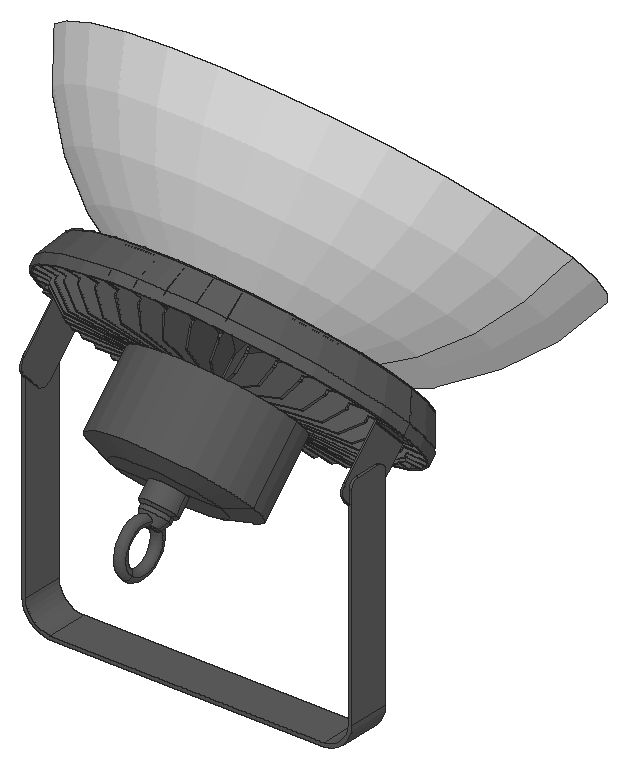
Revit family "0039366+0039354+0039356 Sylvania Lighting Fixture START HighBay IP65 DALI 19000lm 840 WB with BRACKET and ALU SHADE ALU COLOR FOR 13 19KLM", category Lighting Fixtures, host Face, Revit 2016
Family settings
  Host = Face
  Part Type = Normal
  Round Connector Dimension = Use Diameter
  OmniClass Number = 23.80.70.00
  OmniClass Title = Lighting
  Cut with Voids When Loaded = No
  Light Source = No
  Shared = No
  Room Calculation Point = No
Parameters (values of type "0039366+0039354+0039356  START HighBay IP65 DALI 19000lm 840 WB with BRACKET and ALU SHADE ALU COLOR FOR 13/19KLM")
  Weight = "3.4 kg"
  Wattage Comments = ""
  WarrantyStartDate [instance] = "n/a"
  WarrantyGuarantorParts = "n/a"
  WarrantyDurationUnit = "n/a"
  WarrantyDurationParts = "n/a"
  WarrantyDescription = "n/a"
  Voltage = 0 V
  URL = "http://www.sylvania-lighting.com"
  TypeName = "START HighBay IP65 DALI 19000lm 840 WB with BRACKET and ALU SHADE ALU COLOR FOR 13/19KLM"
  TypeHead_FEILO = Start LED Highbay DALI Head : 0039366+0039354+0039356 START HighBay IP65 DALI 19000lm 840 WB with BRACKET and ALU SHADE ALU COLOR FOR 13/19KLM
  Type Image = <None>
  Type Comments = "n/a"
  TiltAngle_FEILO [instance] = 45.00°
  ThicknessBracketPlate_FEILO = 3 mm
  SizeBracketS_FEILO = no
  SizeBracketM_FEILO = yes
  SerialNumber [instance] = "n/a"
  RadiusBracketTop_FEILO = 7 mm
  RadiusBendOut_FEILO = if(SizeBracketS_FEILO, 18 mm, if(SizeBracketM_FEILO, 24 mm, 28 mm))  # 24 mm
  RadiusBendIn_FEILO = RadiusBendOut_FEILO - ThicknessBracketPlate_FEILO  # 21 mm
  Material_3_FEILO = none
  PowerFactor = 0.95
  PowerConsumption = "150 W"
  NominalLength = 296 mm
  NominalHeight = 172 mm
  NominalDepth = 296 mm
  Name = "START HighBay IP65 DALI 19000lm 840 WB with BRACKET and ALU SHADE ALU COLOR FOR 13/19KLM"
  ModelReference = Name  # "START HighBay IP65 DALI 19000lm 840 WB with BRACKET and ALU SHADE ALU COLOR FOR 13/19KLM"
  ModelNumber = "0039366+0039354+0039356"
  Model = Name  # "START HighBay IP65 DALI 19000lm 840 WB with BRACKET and ALU SHADE ALU COLOR FOR 13/19KLM"
  Material = "aluminium alloy housing, polycarbonate diffuser"
  ManufacturerName = "Feilo Sylvania"
  Manufacturer = "Feilo Sylvania"
  LuminousEfficacy = "130 lm/W"
  LuminaireType = ""
  LightOutputRatio = "n/a"
  LampsType = Lamp  # "LED"
  LampNominalLuminous = "19500 lm"
  LampMacAdamStep = "6"
  LampColourTemperature = "6500 K"
  LampColourRenderingIndex = "80"
  Lamp = "LED"
  Keynote = "16500"
  InstallationDate [instance] = "n/a"
  InputVoltage = "n/a"
  InputNominalFrequency = "50/60 Hz"
  IngressProtection = "IP65"
  ImpactProtectionIndex = "IK08"
  IfcExportType = "IfcLightFixtureType"
  IfcExportAs = "IfcLightFixtureType"
  ExpectedLife = 50000
  EndAngle_FEILO [instance] = TiltAngle_FEILO + 180.00°  # 225.00°
  ElectricShockClassification = "Class I"
  DurationUnit = "hours"
  DocumentationLiterature = "http://www.sylvania-lighting.com/product/en-int/products/0039366"
  DimmingControlOptions = "Dimmable"
  Material_2_FEILO = none
  Description = "START Highbay, includes 1 m cables, black aluminium housing, 19,500 Lm, 150 W, 130 Lm/W, 6500 K, drive current: 3300 mA, CRI 80, 90° beam angle, DALI dimmable, IP65, IK08, 50,000 hrs (L80/B50), (D x H) 296 x 172 mm."
  Default Elevation = 1219.2 mm
  CreatedOn = "5/15/2018"
  CreatedBy = "aron.fodor@sylvania-lighting.com"
  Cost = 0
  built-in parameter 1114216 [instance] = (empty or 0)
  ClassificationValue = "EF_70_80"
  ClassificationName = "Uniclass2015"
  Material_1_FEILO = Body-Sylvania-StartHighbay-Black
  BracketHeight_FEILO = if(SizeBracketS_FEILO, 199.5 mm, if(SizeBracketM_FEILO, 209.6 mm, 201.3 mm))  # 209.6 mm
  BracketDistanceInner_FEILO = if(SizeBracketS_FEILO, 249.4 mm, if(SizeBracketM_FEILO, 273.6 mm, 313.2 mm))  # 273.6 mm
  BarCode [instance] = "n/a"
  AssetType = "Fixed"
  AssetIdentifier [instance] = "n/a"
  Assembly Code = "D5020200"
  Apparent Load = 150 VA
  Material_4_FEILO = none
Reference planes
  plane 1 "Center (Front/Back)": y = 0
  plane 2: z = 0
  plane 3 "Center (Left/Right)": x = 0
  plane 4: x = -139.8
  plane 5: x = 139.8
  plane 6: z = 209.6
  plane 7: x = -136.8
  plane 8: z = 3
  plane 9: x = 136.8
  plane 10: y = 17.5
  plane 11: y = -17.5
  plane 12: y = -19.5
  plane 13: z = 211.6
  plane 14: y = 19.5
  plane 15: z = 200.6
Forms (mm)
  Extrusion 1, solid, material "Body-Sylvania-StartHighbay-Black" <- "Material_1_FEILO"
    sketch origin (0, 0, 0) x (1, 0, 0) y (0, 0, 1)
      loop
        line (-139.8, 209.6) -> (-139.8, 24)
        arc (-139.8, 24) -> (-132.771, 7.029) -> (-115.8, 0) r 24
        line (-115.8, 0) -> (115.8, 0)
        arc (115.8, 0) -> (132.771, 7.029) -> (139.8, 24) r 24
        line (139.8, 24) -> (139.8, 209.6) -> (136.8, 209.6) -> (136.8, 24)
        arc (136.8, 24) -> (130.649, 9.151) -> (115.8, 3) r 21
        line (115.8, 3) -> (-115.8, 3)
        arc (-115.8, 3) -> (-130.649, 9.151) -> (-136.8, 24) r 21
        line (-136.8, 24) -> (-136.8, 209.6) -> (-139.8, 209.6)
    from -17.5 to 17.5
  Extrusion 2, void
    sketch origin (0, 0, 0) x (0, 1, 0) y (0, 0, 1)
      loop
        arc (10.5, 209.6) -> (15.45, 207.55) -> (17.5, 202.6) r 7
        line (17.5, 202.6) -> (19.5, 202.6) -> (19.5, 211.6) -> (-19.5, 211.6) -> (-19.5, 202.6) -> (-17.5, 202.6)
        arc (-17.5, 202.6) -> (-15.45, 207.55) -> (-10.5, 209.6) r 7
        line (-10.5, 209.6) -> (10.5, 209.6)
    from -139.8 to 139.8
  Revolve 3, solid, not visible
    sketch origin (1223.4, -4572, 200.6) x (0, -1, 0) y (1, 0, 0)
      loop
        line (-4572, -1223.4) -> (-4591.5, -1223.4) -> (-4591.5, -1277.783) -> (-4572, -1277.783) -> (-4572, -1223.4)
      axis (-4572, -1223.4) -> (-4572, -1277.783)
    angle from 45 <- "TiltAngle_FEILO" to 225 <- "EndAngle_FEILO"
Cuts and joins
  Extrusion 2 cuts Extrusion 1
Dimensions and locks
  "BracketHeight_FEILO": plane 6 to plane 2
  equal spacing: plane 11, plane 1 "Center (Front/Back)", plane 10
  locked: plane 11 to plane 10 at 35
  equal spacing: plane 9, plane 3 "Center (Left/Right)", plane 7
  "BracketDistanceInner_FEILO": plane 9 to plane 7
  "ThicknessBracketPlate_FEILO": plane 7 to plane 4
  "ThicknessBracketPlate_FEILO": plane 8 to plane 2
  equal spacing: plane 5, plane 3 "Center (Left/Right)", plane 4
  equal spacing: plane 12, plane 1 "Center (Front/Back)", plane 14
  locked: plane 6 to plane 13 at 2
  locked: plane 12 to plane 11 at 2
  locked: plane 6 to plane 15 at 9
  "RadiusBendOut_FEILO": radius of Extrusion 1 sketch curve  (x2)
  "RadiusBendIn_FEILO": radius of Extrusion 1 sketch curve  (x2)
  "RadiusBracketTop_FEILO": radius of Extrusion 2 sketch curve  (x2)
  aligned and locked: plane 2 to host face
  aligned and locked: level to host face
  aligned and locked: Extrusion 1 sketch curve to plane 4
  aligned and locked: Extrusion 1 sketch curve to level
  aligned and locked: plane 6 to Extrusion 1 sketch curve
  aligned and locked: Extrusion 1 sketch curve to plane 6
  aligned and locked: Extrusion 1 sketch curve to plane 7
  aligned and locked: plane 9 to Extrusion 1 sketch curve
  aligned and locked: plane 8 to Extrusion 1 sketch curve
  aligned and locked: Extrusion 1 to plane 10
  aligned and locked: plane 11 to Extrusion 1
  aligned and locked: Extrusion 1 to Extrusion 2 sketch curve
  aligned and locked: plane 14 to Extrusion 2 sketch curve  (x2)
  aligned and locked: Extrusion 2 sketch curve to plane 12
  aligned and locked: plane 13 to Extrusion 2 sketch curve
  aligned and locked: plane 5 to Extrusion 2
  aligned and locked: Extrusion 2 to plane 4
  aligned and locked: Revolve 3 sketch curve to plane 1 "Center (Front/Back)"
  aligned and locked: Revolve 3 sketch curve to Revolve 3 sketch curve
  aligned and locked: plane 3 "Center (Left/Right)" to Revolve 3 sketch curve
  aligned and locked: Revolve 3 sketch curve to plane 14
  aligned and locked: nested 1 to plane 3 "Center (Left/Right)"
Automatic sketch dimensions
  host sketch curve to host sketch curve = 2438.4 mm  (x2)
  Revolve 3 sketch curve to Revolve 3 sketch curve = 54.383 mm
  Revolve 3 sketch curve to plane 4 = 1396.3 mm
  plane 5 to Revolve 3 sketch curve = 1396.3 mm
  Extrusion 1 sketch curve to Extrusion 1 sketch curve = 0 mm
  Extrusion 2 sketch curve to plane 11 = 0 mm
  Extrusion 2 sketch curve to plane 10 = 0 mm
Nested families
  nested 1: "Start LED Highbay DALI Head" at (0, 0, 200.6) x (-1, 0, 0) z (0, 0.7071, 0.7071), type <- "TypeHead_FEILO", type "0039366+0039354+0039356 START HighBay IP65 DALI 19000lm 840 WB with BRACKET and ALU SHADE ALU COLOR FOR 13/19KLM"
    with built-in parameter 1114216 (empty or 0)
Connectors
  electrical at (0, 0, 0), driven by "Apparent Load", driven by "PowerFactor", driven by "Voltage"
    settings: index 1, voltage 0 V, apparent load 150 VA, apparent load phase1 0 VA, apparent load phase2 0 VA, apparent load phase3 0 VA, power factor 0.95, load classification "Lighting", number of poles 1, system type 30, power factor state 1, is connector primary yes, connector utility no, sub classification motor no, connector description ""
Definition of nested family "Start LED Highbay DALI Head"
  Parameters (values of type "0039367+0039355+0039361 START HighBay IP65 DALI 26000lm 840 WB with BRACKET and PC LAMPSHADE TRANSPARENT FOR 26KLM")
    X_FEILO = if(SizeS_FEILO, 60.3 mm, if(SizeM_FEILO, 70.4 mm, 83.5 mm))  # 83.5 mm
    WidthStraight_FEILO = if(SizeS_FEILO, 3 mm, if(SizeM_FEILO, 4 mm, 4.7 mm))  # 4.7 mm
    WidthRingChamfer_FEILO = if(SizeS_FEILO, 10.3 mm, if(SizeM_FEILO, 11.2 mm, 12.9 mm))  # 12.9 mm
    WidthCurved_FEILO = if(SizeS_FEILO, 17.4 mm, if(SizeM_FEILO, 16.4 mm, 26.2 mm))  # 26.2 mm
    WidthCurvedRing_FEILO = if(SizeS_FEILO, 3 mm, if(SizeM_FEILO, 4 mm, 4.7 mm))  # 4.7 mm
    WidthBracket_FEILO = 40 mm
    Wattage Comments = ""
    Wattage = 190 W
    built-in parameter 1150110 = 1 (stored number, unit not read)
    URL = "http://www.sylvania-lighting.com"
    Type Image = (empty or 0)
    Type Comments = "n/a"
    built-in parameter 1114217 = 1 (stored number, unit not read)
    Tilt Angle = -90.00°
    ThicknessWall_FEILO = 1.5 mm
    ThicknessBracket_FEILO = 1.5 mm
    ThicknessBracketHalf_FEILO = ThicknessBracket_FEILO / 2  # 0.75 mm
    built-in parameter 1150109 = 1 (stored number, unit not read)
    built-in parameter 1150134 = 1
    built-in parameter 1150113 = 1 (stored number, unit not read)
    SizeS_FEILO = no
    SizeM_FEILO = no
    ShadeThickness_FEILO = 3 mm
    ShadeSizeSM_FEILO = or(SizeS_FEILO, SizeM_FEILO)  # no
    ShadeRadiusOut_FEILO = 205 mm
    ShadeRadiusIn_FEILO = if(ShadeSizeSM_FEILO, 95 mm, 121 mm)  # 121 mm
    ShadeRadiusBend_FEILO = if(ShadeSizeSM_FEILO, 210 mm, 210 mm)  # 210 mm
    ShadeOn_FEILO = yes
    ShadeHeight_FEILO = if(ShadeSizeSM_FEILO, 120 mm, 151 mm)  # 151 mm
    Rib4_FEILO = if(SizeS_FEILO, 18.1 mm, if(SizeM_FEILO, 13.6 mm, 14.6 mm))  # 14.6 mm
    Rib3_FEILO = if(SizeS_FEILO, 15.3 mm, if(SizeM_FEILO, 17.6 mm, 20.2 mm))  # 20.2 mm
    Rib2_FEILO = if(SizeS_FEILO, 3.6 mm, if(SizeM_FEILO, 3.9 mm, 4.5 mm))  # 4.5 mm
    Rib1_FEILO = if(SizeS_FEILO, 15.1 mm, if(SizeM_FEILO, 16.5 mm, 19 mm))  # 19 mm
    RadiusDiffuser_FEILO = if(SizeS_FEILO, 95.2 mm, if(SizeM_FEILO, 105.3 mm, 120 mm))  # 120 mm
    RadiusArrayPost_FEILO = DriverRadius_FEILO - 6 mm  # 70.4 mm
    RHRadius3_FEILO = if(SizeS_FEILO, 6.6 mm, if(SizeM_FEILO, 7.4 mm, 8.6 mm))  # 8.6 mm
    RHRadius2_FEILO = if(SizeS_FEILO, 11 mm, if(SizeM_FEILO, 12 mm, 14 mm))  # 14 mm
    RHRadius1_FEILO = if(SizeS_FEILO, 13.6 mm, if(SizeM_FEILO, 14.9 mm, 17.7 mm))  # 17.7 mm
    RHHeight4_FEILO = if(SizeS_FEILO, 7.3 mm, if(SizeM_FEILO, 8 mm, 9.2 mm))  # 9.2 mm
    RHHeight3_FEILO = if(SizeS_FEILO, 3.6 mm, if(SizeM_FEILO, 3.7 mm, 4.6 mm))  # 4.6 mm
    RHHeight2_FEILO = if(SizeS_FEILO, 2 mm, if(SizeM_FEILO, 2.2 mm, 2.6 mm))  # 2.6 mm
    RHHeight1_FEILO = if(SizeS_FEILO, 11.8 mm, if(SizeM_FEILO, 15.3 mm, 17.4 mm))  # 17.4 mm
    Photometric Web File = "0039367+0039361.ies"
    Material_5_FEILO = none
    Material_3_FEILO = none
    Model = "START HighBay IP65 DALI 26000lm 840 WB with BRACKET and PC LAMPSHADE TRANSPARENT FOR 26KLM"
    Manufacturer = "Feilo Sylvania"
    built-in parameter 1150105 = 33385.3 (stored number, unit not read)
    Lumens = 24700 lm
    built-in parameter 1150115 = 1 (stored number, unit not read)
    built-in parameter 1150137 = (empty or 0)
    built-in parameter 1150139 = (empty or 0)
    built-in parameter 1150112 = 1 (stored number, unit not read)
    built-in parameter 1150114 = 1 (stored number, unit not read)
    Lamp = "LED"
    Keynote = "16500"
    built-in parameter 1150132 = (empty or 0)
    built-in parameter 1150102 = (empty or 0)
    built-in parameter 1150107 = 6500 (stored number, unit not read)
    built-in parameter 1150138 = (empty or 0)
    built-in parameter 1150106 = 333.85 (stored number, unit not read)
    HeightRing_FEILO = if(SizeS_FEILO, 19.8 mm, if(SizeM_FEILO, 32 mm, 36.8 mm))  # 36.8 mm
    HeightRingChamfer_FEILO = if(SizeS_FEILO, 11.7 mm, if(SizeM_FEILO, 23.2 mm, 26.6 mm))  # 26.6 mm
    EyeThickness_FEILO = if(SizeS_FEILO, 8.4 mm, if(SizeM_FEILO, 9.2 mm, 10.5 mm))  # 10.5 mm
    EyeThicknessHalf_FEILO = EyeThickness_FEILO / 2  # 5.25 mm
    EyeInner_FEILO = if(SizeS_FEILO, 13.8 mm, if(SizeM_FEILO, 15.1 mm, 17.3 mm))  # 17.3 mm
    Emit from Circle Diameter = RadiusDiffuser_FEILO * 2  # 240 mm
    Emit Shape Visible in Rendering = no
    built-in parameter 1150104 = 12.077 (stored number, unit not read)
    DriverVerticalStraight_FEILO = if(SizeS_FEILO, 46.5 mm, if(SizeM_FEILO, 49.7 mm, 57 mm))  # 57 mm
    DriverVerticalChamfer_FEILO = if(SizeS_FEILO, 7.5 mm, if(SizeM_FEILO, 8.2 mm, 9.5 mm))  # 9.5 mm
    DriverRadius_FEILO = if(SizeS_FEILO, 61.4 mm, if(SizeM_FEILO, 67.2 mm, 76.4 mm))  # 76.4 mm
    DriverRadiusTop_FEILO = if(SizeS_FEILO, 42 mm, if(SizeM_FEILO, 45.3 mm, 52.4 mm))  # 52.4 mm
    DriverBottom_FEILO = if(SizeS_FEILO, 56 mm, if(SizeM_FEILO, 64.5 mm, 74 mm))  # 74 mm
    Material_2_FEILO = none
    Radius_FEILO = if(SizeS_FEILO, 135 mm, if(SizeM_FEILO, 148 mm, 169.5 mm))  # 169.5 mm
    Dimming Lamp Color Temperature Shift = (empty or 0)
    DiameterWire_FEILO = 3 mm
    DiameterWireSupport_FEILO = 10 mm
    Description = "START Highbay, includes 1 m cables, black aluminium housing, 24,700 Lm, 190 W, 130 Lm/W, 6500 K, drive current: 4100 mA, CRI 80, 90° beam angle, DALI dimmable, IP65, IK08, 50,000 hrs (L80/B50), (D x H) 339 x 189 mm."
    Default Elevation = 1219.2 mm
    Cost = 0
    Color Filter = 16777215
    built-in parameter 1114216 [instance] = (empty or 0)
    Material_1_FEILO = none
    built-in parameter 1114218 = 1 (stored number, unit not read)
    built-in parameter 1150133 = 10 (stored number, unit not read)
    Assembly Code = "D5020200"
    Apparent Load = 190 VA
    Material_4_FEILO = none
  Types (24, lengths in mm): name | X_FEILO | WidthStraight_FEILO | WidthRingChamfer_FEILO | WidthCurved_FEILO | WidthCurvedRing_FEILO | Wattage | built-in parameter 1150134 | SizeS_FEILO | SizeM_FEILO | ShadeSizeSM_FEILO | ShadeRadiusIn_FEILO | ShadeOn_FEILO | ShadeHeight_FEILO | Rib4_FEILO | Rib3_FEILO | Rib2_FEILO | Rib1_FEILO | RadiusDiffuser_FEILO | RadiusArrayPost_FEILO | RHRadius3_FEILO | RHRadius2_FEILO | RHRadius1_FEILO | RHHeight4_FEILO | RHHeight3_FEILO | RHHeight2_FEILO | RHHeight1_FEILO | Photometric Web File | Model | built-in parameter 1150105 | Lumens | built-in parameter 1150107 | built-in parameter 1150106 | HeightRing_FEILO | HeightRingChamfer_FEILO | EyeThickness_FEILO | EyeThicknessHalf_FEILO | EyeInner_FEILO | Emit from Circle Diameter | DriverVerticalStraight_FEILO | DriverVerticalChamfer_FEILO | DriverRadius_FEILO | DriverRadiusTop_FEILO | DriverBottom_FEILO | Radius_FEILO | Description | Apparent Load
    0039367+0039355+0039361 START HighBay IP65 DALI 26000lm 840 WB with BRACKET and PC LAMPSHADE TRANSPARENT FOR 26KLM | 83.5 | 4.7 | 12.9 | 26.2 | 4.7 | 190 W | 1 | no | no | no | 121 | yes | 151 | 14.6 | 20.2 | 4.5 | 19 | 120 | 70.4 | 8.6 | 14 | 17.7 | 9.2 | 4.6 | 2.6 | 17.4 | "0039367+0039361.ies" | "START HighBay IP65 DALI 26000lm 840 WB with BRACKET and PC LAMPSHADE TRANSPARENT FOR 26KLM" | 33385.3 (stored number, unit not read) | 24700 lm | 6500 (stored number, unit not read) | 333.85 (stored number, unit not read) | 36.8 | 26.6 | 10.5 | 5.25 | 17.3 | 240 | 57 | 9.5 | 76.4 | 52.4 | 74 | 169.5 | "START Highbay, includes 1 m cables, black aluminium housing, 24,700 Lm, 190 W, 130 Lm/W, 6500 K, drive current: 4100 mA, CRI 80, 90° beam angle, DALI dimmable, IP65, IK08, 50,000 hrs (L80/B50), (D x H) 339 x 189 mm." | 190 VA
    0039367+0039355+0039360 START HighBay IP65 DALI 26000lm 840 WB with BRACKET and ALU SHADE BLACK COLOR FOR 26KLM | 83.5 | 4.7 | 12.9 | 26.2 | 4.7 | 190 W | 1 | no | no | no | 121 | yes | 151 | 14.6 | 20.2 | 4.5 | 19 | 120 | 70.4 | 8.6 | 14 | 17.7 | 9.2 | 4.6 | 2.6 | 17.4 | "0039367+0039360.ies" | "START HighBay IP65 DALI 26000lm 840 WB with BRACKET and ALU SHADE BLACK COLOR FOR 26KLM" | 33569.2 (stored number, unit not read) | 24700 lm | 6500 (stored number, unit not read) | 335.69 (stored number, unit not read) | 36.8 | 26.6 | 10.5 | 5.25 | 17.3 | 240 | 57 | 9.5 | 76.4 | 52.4 | 74 | 169.5 | "START Highbay, includes 1 m cables, black aluminium housing, 24,700 Lm, 190 W, 130 Lm/W, 6500 K, drive current: 4100 mA, CRI 80, 90° beam angle, DALI dimmable, IP65, IK08, 50,000 hrs (L80/B50), (D x H) 339 x 189 mm." | 190 VA
    0039367+0039355+0039359 START HighBay IP65 DALI 26000lm 840 WB with BRACKET and ALU SHADE ALU COLOR FOR 26KLM | 83.5 | 4.7 | 12.9 | 26.2 | 4.7 | 190 W | 1 | no | no | no | 121 | yes | 151 | 14.6 | 20.2 | 4.5 | 19 | 120 | 70.4 | 8.6 | 14 | 17.7 | 9.2 | 4.6 | 2.6 | 17.4 | "0039367+0039359.ies" | "START HighBay IP65 DALI 26000lm 840 WB with BRACKET and ALU SHADE ALU COLOR FOR 26KLM" | 33569.2 (stored number, unit not read) | 24700 lm | 6500 (stored number, unit not read) | 335.69 (stored number, unit not read) | 36.8 | 26.6 | 10.5 | 5.25 | 17.3 | 240 | 57 | 9.5 | 76.4 | 52.4 | 74 | 169.5 | "START Highbay, includes 1 m cables, black aluminium housing, 24,700 Lm, 190 W, 130 Lm/W, 6500 K, drive current: 4100 mA, CRI 80, 90° beam angle, DALI dimmable, IP65, IK08, 50,000 hrs (L80/B50), (D x H) 339 x 189 mm." | 190 VA
    0039367+0039355 START HighBay IP65 DALI 26000lm 840 WB with BRACKET | 83.5 | 4.7 | 12.9 | 26.2 | 4.7 | 190 W | 1 | no | no | no | 121 | no | 151 | 14.6 | 20.2 | 4.5 | 19 | 120 | 70.4 | 8.6 | 14 | 17.7 | 9.2 | 4.6 | 2.6 | 17.4 | "0039367.ies" | "START HighBay IP65 DALI 26000lm 840 WB with BRACKET" | 13532 (stored number, unit not read) | 24700 lm | 6500 (stored number, unit not read) | 135.32 (stored number, unit not read) | 36.8 | 26.6 | 10.5 | 5.25 | 17.3 | 240 | 57 | 9.5 | 76.4 | 52.4 | 74 | 169.5 | "START Highbay, includes 1 m cables, black aluminium housing, 24,700 Lm, 190 W, 130 Lm/W, 6500 K, drive current: 4100 mA, CRI 80, 90° beam angle, DALI dimmable, IP65, IK08, 50,000 hrs (L80/B50), (D x H) 339 x 189 mm." | 190 VA
    0039366+0039354+0039358 START HighBay IP65 DALI 19000lm 840 WB with BRACKET and PC LAMPSHADE TRANSPARENT 13/19KLM | 70.4 | 4 | 11.2 | 16.4 | 4 | 150 W | 1 | no | yes | yes | 95 | yes | 120 | 13.6 | 17.6 | 3.9 | 16.5 | 105.3 | 61.2 | 7.4 | 12 | 14.9 | 8 | 3.7 | 2.2 | 15.3 | "0039366+0039358.ies" | "START HighBay IP65 DALI 19000lm 840 WB with BRACKET and PC LAMPSHADE TRANSPARENT 13/19KLM" | 26356.9 (stored number, unit not read) | 19500 lm | 6500 (stored number, unit not read) | 263.57 (stored number, unit not read) | 32 | 23.2 | 9.2 | 4.6 | 15.1 | 210.6 | 49.7 | 8.2 | 67.2 | 45.3 | 64.5 | 148 | "START Highbay, includes 1 m cables, black aluminium housing, 19,500 Lm, 150 W, 130 Lm/W, 6500 K, drive current: 3300 mA, CRI 80, 90° beam angle, DALI dimmable, IP65, IK08, 50,000 hrs (L80/B50), (D x H) 296 x 172 mm." | 150 VA
    0039366+0039354+0039357 START HighBay IP65 DALI 19000lm 840 WB with BRACKET and ALU SHADE BLACK COLOR FOR 13/19KLM | 70.4 | 4 | 11.2 | 16.4 | 4 | 150 W | 1 | no | yes | yes | 95 | yes | 120 | 13.6 | 17.6 | 3.9 | 16.5 | 105.3 | 61.2 | 7.4 | 12 | 14.9 | 8 | 3.7 | 2.2 | 15.3 | "0039366+0039357.ies" | "START HighBay IP65 DALI 19000lm 840 WB with BRACKET and ALU SHADE BLACK COLOR FOR 13/19KLM" | 26502 (stored number, unit not read) | 19500 lm | 6500 (stored number, unit not read) | 265.02 (stored number, unit not read) | 32 | 23.2 | 9.2 | 4.6 | 15.1 | 210.6 | 49.7 | 8.2 | 67.2 | 45.3 | 64.5 | 148 | "START Highbay, includes 1 m cables, black aluminium housing, 19,500 Lm, 150 W, 130 Lm/W, 6500 K, drive current: 3300 mA, CRI 80, 90° beam angle, DALI dimmable, IP65, IK08, 50,000 hrs (L80/B50), (D x H) 296 x 172 mm." | 150 VA
    0039366+0039354+0039356 START HighBay IP65 DALI 19000lm 840 WB with BRACKET and ALU SHADE ALU COLOR FOR 13/19KLM | 70.4 | 4 | 11.2 | 16.4 | 4 | 150 W | 1 | no | yes | yes | 95 | yes | 120 | 13.6 | 17.6 | 3.9 | 16.5 | 105.3 | 61.2 | 7.4 | 12 | 14.9 | 8 | 3.7 | 2.2 | 15.3 | "0039366+0039356.ies" | "START HighBay IP65 DALI 19000lm 840 WB with BRACKET and ALU SHADE ALU COLOR FOR 13/19KLM" | 26502 (stored number, unit not read) | 19500 lm | 6500 (stored number, unit not read) | 265.02 (stored number, unit not read) | 32 | 23.2 | 9.2 | 4.6 | 15.1 | 210.6 | 49.7 | 8.2 | 67.2 | 45.3 | 64.5 | 148 | "START Highbay, includes 1 m cables, black aluminium housing, 19,500 Lm, 150 W, 130 Lm/W, 6500 K, drive current: 3300 mA, CRI 80, 90° beam angle, DALI dimmable, IP65, IK08, 50,000 hrs (L80/B50), (D x H) 296 x 172 mm." | 150 VA
    0039366+0039354 START HighBay IP65 DALI 19000lm 840 WB with BRACKET | 70.4 | 4 | 11.2 | 16.4 | 4 | 150 W | 1 | no | yes | yes | 95 | no | 120 | 13.6 | 17.6 | 3.9 | 16.5 | 105.3 | 61.2 | 7.4 | 12 | 14.9 | 8 | 3.7 | 2.2 | 15.3 | "0039366.ies" | "START HighBay IP65 DALI 19000lm 840 WB with BRACKET" | 10981.5 (stored number, unit not read) | 19500 lm | 6500 (stored number, unit not read) | 109.82 (stored number, unit not read) | 32 | 23.2 | 9.2 | 4.6 | 15.1 | 210.6 | 49.7 | 8.2 | 67.2 | 45.3 | 64.5 | 148 | "START Highbay, includes 1 m cables, black aluminium housing, 19,500 Lm, 150 W, 130 Lm/W, 6500 K, drive current: 3300 mA, CRI 80, 90° beam angle, DALI dimmable, IP65, IK08, 50,000 hrs (L80/B50), (D x H) 296 x 172 mm." | 150 VA
    0039365+0039353+0039358 START HighBay IP65 DALI 13000lm 840 WB with BRACKET and PC LAMPSHADE TRANSPARENT 13/19KLM | 60.3 | 3 | 10.3 | 17.4 | 3 | 90 W | 1 | yes | no | yes | 95 | yes | 120 | 18.1 | 15.3 | 3.6 | 15.1 | 95.2 | 55.4 | 6.6 | 11 | 13.6 | 7.3 | 3.6 | 2 | 11.8 | "0039365+0039358.ies" | "START HighBay IP65 DALI 13000lm 840 WB with BRACKET and PC LAMPSHADE TRANSPARENT 13/19KLM" | 15814.1 (stored number, unit not read) | 11700 lm | 6500 (stored number, unit not read) | 158.14 (stored number, unit not read) | 19.8 | 11.7 | 8.4 | 4.2 | 13.8 | 190.4 | 46.5 | 7.5 | 61.4 | 42 | 56 | 135 | "START Highbay, includes 1 m cables, black aluminium housing, 11,700 Lm, 90 W, 130 Lm/W, 6500 K, drive current: 2000 mA, CRI 80, 90° beam angle, DALI dimmable, IP65, IK08, 50,000 hrs (L80/B50), (D x H) 270 x 175 mm." | 90 VA
    0039365+0039353+0039357 START HighBay IP65 DALI 13000lm 840 WB with BRACKET and ALU SHADE BLACK COLOR FOR 13/19KLM | 60.3 | 3 | 10.3 | 17.4 | 3 | 90 W | 1 | yes | no | yes | 95 | yes | 120 | 18.1 | 15.3 | 3.6 | 15.1 | 95.2 | 55.4 | 6.6 | 11 | 13.6 | 7.3 | 3.6 | 2 | 11.8 | "0039365+0039357.ies" | "START HighBay IP65 DALI 13000lm 840 WB with BRACKET and ALU SHADE BLACK COLOR FOR 13/19KLM" | 15901.2 (stored number, unit not read) | 11700 lm | 6500 (stored number, unit not read) | 159.01 (stored number, unit not read) | 19.8 | 11.7 | 8.4 | 4.2 | 13.8 | 190.4 | 46.5 | 7.5 | 61.4 | 42 | 56 | 135 | "START Highbay, includes 1 m cables, black aluminium housing, 11,700 Lm, 90 W, 130 Lm/W, 6500 K, drive current: 2000 mA, CRI 80, 90° beam angle, DALI dimmable, IP65, IK08, 50,000 hrs (L80/B50), (D x H) 270 x 175 mm." | 90 VA
    0039365+0039353+0039356 START HighBay IP65 DALI 13000lm 840 WB with BRACKET and ALU SHADE ALU COLOR FOR 13/19KLM | 60.3 | 3 | 10.3 | 17.4 | 3 | 90 W | 1 | yes | no | yes | 95 | yes | 120 | 18.1 | 15.3 | 3.6 | 15.1 | 95.2 | 55.4 | 6.6 | 11 | 13.6 | 7.3 | 3.6 | 2 | 11.8 | "0039365+0039356.ies" | "START HighBay IP65 DALI 13000lm 840 WB with BRACKET and ALU SHADE ALU COLOR FOR 13/19KLM" | 15901.2 (stored number, unit not read) | 11700 lm | 6500 (stored number, unit not read) | 159.01 (stored number, unit not read) | 19.8 | 11.7 | 8.4 | 4.2 | 13.8 | 190.4 | 46.5 | 7.5 | 61.4 | 42 | 56 | 135 | "START Highbay, includes 1 m cables, black aluminium housing, 11,700 Lm, 90 W, 130 Lm/W, 6500 K, drive current: 2000 mA, CRI 80, 90° beam angle, DALI dimmable, IP65, IK08, 50,000 hrs (L80/B50), (D x H) 270 x 175 mm." | 90 VA
    0039365+0039353 START HighBay IP65 DALI 13000lm 840 WB with BRACKET | 60.3 | 3 | 10.3 | 17.4 | 3 | 90 W | 1 | yes | no | yes | 95 | no | 120 | 18.1 | 15.3 | 3.6 | 15.1 | 95.2 | 55.4 | 6.6 | 11 | 13.6 | 7.3 | 3.6 | 2 | 11.8 | "0039365.ies" | "START HighBay IP65 DALI 13000lm 840 WB with BRACKET" | 6365.5 (stored number, unit not read) | 11700 lm | 6500 (stored number, unit not read) | 63.655 (stored number, unit not read) | 19.8 | 11.7 | 8.4 | 4.2 | 13.8 | 190.4 | 46.5 | 7.5 | 61.4 | 42 | 56 | 135 | "START Highbay, includes 1 m cables, black aluminium housing, 11,700 Lm, 90 W, 130 Lm/W, 6500 K, drive current: 2000 mA, CRI 80, 90° beam angle, DALI dimmable, IP65, IK08, 50,000 hrs (L80/B50), (D x H) 270 x 175 mm." | 90 VA
    0039364+0039355+0039361 START HighBay IP65 DALI 26000lm 840 MB with BRACKET and PC LAMPSHADE TRANSPARENT FOR 26KLM | 83.5 | 4.7 | 12.9 | 26.2 | 4.7 | 190 W | 12 | no | no | no | 121 | yes | 151 | 14.6 | 20.2 | 4.5 | 19 | 120 | 70.4 | 8.6 | 14 | 17.7 | 9.2 | 4.6 | 2.6 | 17.4 | "0039364+0039361.ies" | "START HighBay IP65 DALI 26000lm 840 MB with BRACKET and PC LAMPSHADE TRANSPARENT FOR 26KLM" | 33385.3 (stored number, unit not read) | 24700 lm | 4000 (stored number, unit not read) | 333.85 (stored number, unit not read) | 36.8 | 26.6 | 10.5 | 5.25 | 17.3 | 240 | 57 | 9.5 | 76.4 | 52.4 | 74 | 169.5 | "START Highbay, includes 1 m cables, black aluminium housing, 24,700 Lm, 190 W, 130 Lm/W, 4000 K, drive current: 4100 mA, CRI 80, 60° beam angle, DALI dimmable, IP65, IK08, 50,000 hrs (L80/B50), (D x H) 339 x 189 mm." | 190 VA
    0039364+0039355+0039360 START HighBay IP65 DALI 26000lm 840 MB with BRACKET and ALU SHADE BLACK COLOR FOR 26KLM | 83.5 | 4.7 | 12.9 | 26.2 | 4.7 | 190 W | 12 | no | no | no | 121 | yes | 151 | 14.6 | 20.2 | 4.5 | 19 | 120 | 70.4 | 8.6 | 14 | 17.7 | 9.2 | 4.6 | 2.6 | 17.4 | "0039364+0039360.ies" | "START HighBay IP65 DALI 26000lm 840 MB with BRACKET and ALU SHADE BLACK COLOR FOR 26KLM" | 33569.2 (stored number, unit not read) | 24700 lm | 4000 (stored number, unit not read) | 335.69 (stored number, unit not read) | 36.8 | 26.6 | 10.5 | 5.25 | 17.3 | 240 | 57 | 9.5 | 76.4 | 52.4 | 74 | 169.5 | "START Highbay, includes 1 m cables, black aluminium housing, 24,700 Lm, 190 W, 130 Lm/W, 4000 K, drive current: 4100 mA, CRI 80, 60° beam angle, DALI dimmable, IP65, IK08, 50,000 hrs (L80/B50), (D x H) 339 x 189 mm." | 190 VA
    0039364+0039355+0039359 START HighBay IP65 DALI 26000lm 840 MB with BRACKET and ALU SHADE ALU COLOR FOR 26KLM | 83.5 | 4.7 | 12.9 | 26.2 | 4.7 | 190 W | 12 | no | no | no | 121 | yes | 151 | 14.6 | 20.2 | 4.5 | 19 | 120 | 70.4 | 8.6 | 14 | 17.7 | 9.2 | 4.6 | 2.6 | 17.4 | "0039364+0039359.ies" | "START HighBay IP65 DALI 26000lm 840 MB with BRACKET and ALU SHADE ALU COLOR FOR 26KLM" | 33569.2 (stored number, unit not read) | 24700 lm | 4000 (stored number, unit not read) | 335.69 (stored number, unit not read) | 36.8 | 26.6 | 10.5 | 5.25 | 17.3 | 240 | 57 | 9.5 | 76.4 | 52.4 | 74 | 169.5 | "START Highbay, includes 1 m cables, black aluminium housing, 24,700 Lm, 190 W, 130 Lm/W, 4000 K, drive current: 4100 mA, CRI 80, 60° beam angle, DALI dimmable, IP65, IK08, 50,000 hrs (L80/B50), (D x H) 339 x 189 mm." | 190 VA
    0039364+0039355 START HighBay IP65 DALI 26000lm 840 MB with BRACKET | 83.5 | 4.7 | 12.9 | 26.2 | 4.7 | 190 W | 12 | no | no | no | 121 | no | 151 | 14.6 | 20.2 | 4.5 | 19 | 120 | 70.4 | 8.6 | 14 | 17.7 | 9.2 | 4.6 | 2.6 | 17.4 | "0039364.ies" | "START HighBay IP65 DALI 26000lm 840 MB with BRACKET" | 26901.8 (stored number, unit not read) | 24700 lm | 4000 (stored number, unit not read) | 269.02 (stored number, unit not read) | 36.8 | 26.6 | 10.5 | 5.25 | 17.3 | 240 | 57 | 9.5 | 76.4 | 52.4 | 74 | 169.5 | "START Highbay, includes 1 m cables, black aluminium housing, 24,700 Lm, 190 W, 130 Lm/W, 4000 K, drive current: 4100 mA, CRI 80, 60° beam angle, DALI dimmable, IP65, IK08, 50,000 hrs (L80/B50), (D x H) 339 x 189 mm." | 190 VA
    0039363+0039354+0039358 START HighBay IP65 DALI 19000lm 840 MB with BRACKET and PC LAMPSHADE TRANSPARENT 13/19KLM | 70.4 | 4 | 11.2 | 16.4 | 4 | 150 W | 12 | no | yes | yes | 95 | yes | 120 | 13.6 | 17.6 | 3.9 | 16.5 | 105.3 | 61.2 | 7.4 | 12 | 14.9 | 8 | 3.7 | 2.2 | 15.3 | "0039363+0039358.ies" | "START HighBay IP65 DALI 19000lm 840 MB with BRACKET and PC LAMPSHADE TRANSPARENT 13/19KLM" | 26356.9 (stored number, unit not read) | 19500 lm | 4000 (stored number, unit not read) | 263.57 (stored number, unit not read) | 32 | 23.2 | 9.2 | 4.6 | 15.1 | 210.6 | 49.7 | 8.2 | 67.2 | 45.3 | 64.5 | 148 | "START Highbay, includes 1 m cables, black aluminium housing, 19,500 Lm, 150 W, 130 Lm/W, 4000 K, drive current: 3300 mA, CRI 80, 60° beam angle, DALI dimmable, IP65, IK08, 50,000 hrs (L80/B50), (D x H) 296 x 172 mm." | 150 VA
    0039363+0039354+0039357 START HighBay IP65 DALI 19000lm 840 MB with BRACKET and ALU SHADE BLACK COLOR FOR 13/19KLM | 70.4 | 4 | 11.2 | 16.4 | 4 | 150 W | 12 | no | yes | yes | 95 | yes | 120 | 13.6 | 17.6 | 3.9 | 16.5 | 105.3 | 61.2 | 7.4 | 12 | 14.9 | 8 | 3.7 | 2.2 | 15.3 | "0039363+0039357.ies" | "START HighBay IP65 DALI 19000lm 840 MB with BRACKET and ALU SHADE BLACK COLOR FOR 13/19KLM" | 26502 (stored number, unit not read) | 19500 lm | 4000 (stored number, unit not read) | 265.02 (stored number, unit not read) | 32 | 23.2 | 9.2 | 4.6 | 15.1 | 210.6 | 49.7 | 8.2 | 67.2 | 45.3 | 64.5 | 148 | "START Highbay, includes 1 m cables, black aluminium housing, 19,500 Lm, 150 W, 130 Lm/W, 4000 K, drive current: 3300 mA, CRI 80, 60° beam angle, DALI dimmable, IP65, IK08, 50,000 hrs (L80/B50), (D x H) 296 x 172 mm." | 150 VA
    0039363+0039354+0039356 START HighBay IP65 DALI 19000lm 840 MB with BRACKET and ALU SHADE ALU COLOR FOR 13/19KLM | 70.4 | 4 | 11.2 | 16.4 | 4 | 150 W | 12 | no | yes | yes | 95 | yes | 120 | 13.6 | 17.6 | 3.9 | 16.5 | 105.3 | 61.2 | 7.4 | 12 | 14.9 | 8 | 3.7 | 2.2 | 15.3 | "0039363+0039356.ies" | "START HighBay IP65 DALI 19000lm 840 MB with BRACKET and ALU SHADE ALU COLOR FOR 13/19KLM" | 26502 (stored number, unit not read) | 19500 lm | 4000 (stored number, unit not read) | 265.02 (stored number, unit not read) | 32 | 23.2 | 9.2 | 4.6 | 15.1 | 210.6 | 49.7 | 8.2 | 67.2 | 45.3 | 64.5 | 148 | "START Highbay, includes 1 m cables, black aluminium housing, 19,500 Lm, 150 W, 130 Lm/W, 4000 K, drive current: 3300 mA, CRI 80, 60° beam angle, DALI dimmable, IP65, IK08, 50,000 hrs (L80/B50), (D x H) 296 x 172 mm." | 150 VA
    0039363+0039354 START HighBay IP65 DALI 19000lm 840 MB with BRACKET | 70.4 | 4 | 11.2 | 16.4 | 4 | 150 W | 12 | no | yes | yes | 95 | no | 120 | 13.6 | 17.6 | 3.9 | 16.5 | 105.3 | 61.2 | 7.4 | 12 | 14.9 | 8 | 3.7 | 2.2 | 15.3 | "0039363.ies" | "START HighBay IP65 DALI 19000lm 840 MB with BRACKET" | 22125.4 (stored number, unit not read) | 19500 lm | 4000 (stored number, unit not read) | 221.25 (stored number, unit not read) | 32 | 23.2 | 9.2 | 4.6 | 15.1 | 210.6 | 49.7 | 8.2 | 67.2 | 45.3 | 64.5 | 148 | "START Highbay, includes 1 m cables, black aluminium housing, 19,500 Lm, 150 W, 130 Lm/W, 4000 K, drive current: 3300 mA, CRI 80, 60° beam angle, DALI dimmable, IP65, IK08, 50,000 hrs (L80/B50), (D x H) 296 x 172 mm." | 150 VA
    0039362+0039353+0039358 START HighBay IP65 DALI 13000lm 840 MB with BRACKET and PC LAMPSHADE TRANSPARENT 13/19KLM | 60.3 | 3 | 10.3 | 17.4 | 3 | 90 W | 12 | yes | no | yes | 95 | yes | 120 | 18.1 | 15.3 | 3.6 | 15.1 | 95.2 | 55.4 | 6.6 | 11 | 13.6 | 7.3 | 3.6 | 2 | 11.8 | "0039362+0039358.ies" | "START HighBay IP65 DALI 13000lm 840 MB with BRACKET and PC LAMPSHADE TRANSPARENT 13/19KLM" | 15814.1 (stored number, unit not read) | 11700 lm | 4000 (stored number, unit not read) | 158.14 (stored number, unit not read) | 19.8 | 11.7 | 8.4 | 4.2 | 13.8 | 190.4 | 46.5 | 7.5 | 61.4 | 42 | 56 | 135 | "START Highbay, includes 1 m cables, black aluminium housing, 11,700 Lm, 90 W, 130 Lm/W, 4000 K, drive current: 2000 mA, CRI 80, 60° beam angle, DALI dimmable, IP65, IK08, 50,000 hrs (L80/B50), (D x H) 270 x 175 mm." | 90 VA
    0039362+0039353+0039357 START HighBay IP65 DALI 13000lm 840 MB with BRACKET and ALU SHADE BLACK COLOR FOR 13/19KLM | 60.3 | 3 | 10.3 | 17.4 | 3 | 90 W | 12 | yes | no | yes | 95 | yes | 120 | 18.1 | 15.3 | 3.6 | 15.1 | 95.2 | 55.4 | 6.6 | 11 | 13.6 | 7.3 | 3.6 | 2 | 11.8 | "0039362+0039357.ies" | "START HighBay IP65 DALI 13000lm 840 MB with BRACKET and ALU SHADE BLACK COLOR FOR 13/19KLM" | 15901.2 (stored number, unit not read) | 11700 lm | 4000 (stored number, unit not read) | 159.01 (stored number, unit not read) | 19.8 | 11.7 | 8.4 | 4.2 | 13.8 | 190.4 | 46.5 | 7.5 | 61.4 | 42 | 56 | 135 | "START Highbay, includes 1 m cables, black aluminium housing, 11,700 Lm, 90 W, 130 Lm/W, 4000 K, drive current: 2000 mA, CRI 80, 60° beam angle, DALI dimmable, IP65, IK08, 50,000 hrs (L80/B50), (D x H) 270 x 175 mm." | 90 VA
    0039362+0039353+0039356 START HighBay IP65 DALI 13000lm 840 MB with BRACKET and ALU SHADE ALU COLOR FOR 13/19KLM | 60.3 | 3 | 10.3 | 17.4 | 3 | 90 W | 12 | yes | no | yes | 95 | yes | 120 | 18.1 | 15.3 | 3.6 | 15.1 | 95.2 | 55.4 | 6.6 | 11 | 13.6 | 7.3 | 3.6 | 2 | 11.8 | "0039362+0039356.ies" | "START HighBay IP65 DALI 13000lm 840 MB with BRACKET and ALU SHADE ALU COLOR FOR 13/19KLM" | 15901.2 (stored number, unit not read) | 11700 lm | 4000 (stored number, unit not read) | 159.01 (stored number, unit not read) | 19.8 | 11.7 | 8.4 | 4.2 | 13.8 | 190.4 | 46.5 | 7.5 | 61.4 | 42 | 56 | 135 | "START Highbay, includes 1 m cables, black aluminium housing, 11,700 Lm, 90 W, 130 Lm/W, 4000 K, drive current: 2000 mA, CRI 80, 60° beam angle, DALI dimmable, IP65, IK08, 50,000 hrs (L80/B50), (D x H) 270 x 175 mm." | 90 VA
    0039362+0039353 START HighBay IP65 DALI 13000lm 840 MB with BRACKET | 60.3 | 3 | 10.3 | 17.4 | 3 | 90 W | 12 | yes | no | yes | 95 | no | 120 | 18.1 | 15.3 | 3.6 | 15.1 | 95.2 | 55.4 | 6.6 | 11 | 13.6 | 7.3 | 3.6 | 2 | 11.8 | "0039362.ies" | "START HighBay IP65 DALI 13000lm 840 MB with BRACKET" | 13336.9 (stored number, unit not read) | 11700 lm | 4000 (stored number, unit not read) | 133.37 (stored number, unit not read) | 19.8 | 11.7 | 8.4 | 4.2 | 13.8 | 190.4 | 46.5 | 7.5 | 61.4 | 42 | 56 | 135 | "START Highbay, includes 1 m cables, black aluminium housing, 11,700 Lm, 90 W, 130 Lm/W, 4000 K, drive current: 2000 mA, CRI 80, 60° beam angle, DALI dimmable, IP65, IK08, 50,000 hrs (L80/B50), (D x H) 270 x 175 mm." | 90 VA
  Reference planes
    plane 1 "Center (Front/Back)": y = 0
    plane 2: z = 0
    plane 3 "Center (Left/Right)": x = 0
    plane 4: z = 83.5
    plane 5: x = -169.5
    plane 6: x = -156.6
    plane 7: z = 56.9
    plane 8: z = 46.7
    plane 9: x = -151.9
    plane 10: z = 80.875
    plane 11: x = -125.7
    plane 12: x = -120
    plane 13: x = -147.2
    plane 14: z = 81.875
    plane 15: z = 79.875
    plane 16: x = -117
    plane 17: z = 78.875
    plane 18: x = -168
    plane 19: x = -150.5
    plane 20: z = 42.2
    plane 21: x = -130.3
    plane 22: z = 27.6
    plane 23: x = -20
    plane 24: z = 9.5
    plane 25: x = -76.4
    plane 26: z = -47.5
    plane 27: x = -52.4
    plane 28: z = -57
    plane 29: x = -17.7
    plane 30: z = -74.4
    plane 31: z = -77
    plane 32: x = -14
    plane 33: z = -81.6
    plane 34: z = -90.8
    plane 35: x = -8.6
    plane 36: z = -108.1
    plane 37: z = -125.4
    plane 38: x = 5.25
    plane 39: x = -5.25
    plane 40: z = -135.9
    plane 41: z = -130.65
    plane 42: x = -162.3
    plane 43: x = -167
    plane 44: z = 45.2
    plane 45: x = -155.1
    plane 46: z = -19
    plane 47: y = -20
    plane 48: y = 20
    plane 49: x = 169.5
    plane 50: x = 156.6
    plane 51: x = 168
    plane 52: x = 162.3
    plane 53: x = 167
    plane 54: x = 155.1
    plane 55: x = -205
    plane 56: z = 234.5
    plane 57: x = -121
    plane 58: x = -113
    plane 59: x = -202
    plane 60: z = 86.5
  Forms (mm)
    Extrusion 1, solid
      sketch origin (4.2, 0, 0) x (1, 0, 0) y (0, 1, 0)
        loop
          line (-1219.2, 1219.2) -> (-1219.2, -1219.2) -> (1219.2, -1219.2) -> (1219.2, 1219.2) -> (-1219.2, 1219.2)
      from 0 to -68.017
    Revolve 2, solid, material <- "Material_1_FEILO", detail levels medium+fine
      sketch origin (0, 0, 0) x (1, 0, 0) y (0, 0, 1)
        loop
          line (-169.5, 46.7) -> (-168, 46.7) -> (-168, 56.555) -> (-156.206, 80.875) -> (-147.2, 80.875) -> (-147.2, 82.637)
          arc (-147.2, 82.637) -> (-149.554, 83.047) -> (-151.9, 83.5) r 132.063
          line (-151.9, 83.5) -> (-156.141, 83.5)
          arc (-156.141, 83.5) -> (-156.63, 83.326) -> (-156.899, 82.883) r 0.774
          line (-156.899, 82.883) -> (-169.5, 56.9) -> (-169.5, 46.7)
        axis (0, 83.5) -> (0, 46.7)
      angle from 360 to 0
    Revolve 3, solid, material <- "Material_1_FEILO", detail levels medium+fine
      sketch origin (0, 0, 0) x (1, 0, 0) y (0, 0, 1)
        loop
          line (-125.7, 78.875) -> (-120, 78.875) -> (-120, 56.9) -> (0, 56.9) -> (0, 78.875) -> (-117, 78.875) -> (-117, 79.875) -> (-120, 79.875) -> (-120, 80.875) -> (-125.7, 80.875) -> (-125.7, 78.875)
        axis (0, 80.875) -> (0, 56.9)
      angle from 360 to 0
    Revolve 4, solid, material <- "Material_2_FEILO", detail levels medium+fine
      sketch origin (0, 0, 0) x (1, 0, 0) y (0, 0, 1)
        loop
          line (-120, 79.875) -> (0, 79.875) -> (0, 81.875) -> (-120, 81.875) -> (-120, 79.875)
        axis (0, 81.875) -> (0, 79.875)
      angle from 360 to 0
    Revolve 5, solid, material <- "Material_1_FEILO"
      sketch origin (0, 0, 0) x (1, 0, 0) y (0, 0, 1)
        loop
          line (-76.4, 27.6) -> (-76.4, -47.5) -> (-52.4, -57) -> (-17.7, -57) -> (-17.7, -74.4) -> (-14, -77) -> (-14, -81.6) -> (-9.037, -90.074)
          arc (-9.037, -90.074) -> (-8.49, -90.606) -> (-7.753, -90.8) r 1.5
          line (-7.753, -90.8) -> (0, -90.8) -> (0, 27.6) -> (-76.4, 27.6)
        axis (0, 27.6) -> (0, -90.8)
      angle from 360 to 0
    Revolve 6, solid, material <- "Material_1_FEILO"
      sketch origin (0, 0, 0) x (1, 0, 0) y (0, 0, 1)
        loop
          circle (0, -130.65) r 5.25
        axis (5.25, -108.1) -> (-5.25, -108.1)
      angle from 360 to 0
    Extrusion 7, solid, material <- "Material_1_FEILO"
      sketch origin (0, 0, 0) x (1, 0, 0) y (0, 0, 1)
        loop
          line (-167, 46.7) -> (-167, 45.2) -> (-157.35, 45.2)
          arc (-157.35, 45.2) -> (-156.82, 44.98) -> (-156.6, 44.45) r 0.75
          line (-156.6, 44.45) -> (-156.6, -19) -> (-155.1, -19) -> (-155.1, 45.2)
          arc (-155.1, 45.2) -> (-155.539, 46.261) -> (-156.6, 46.7) r 1.5
          line (-156.6, 46.7) -> (-167, 46.7)
        loop
          line (167, 46.7) -> (156.6, 46.7)
          arc (156.6, 46.7) -> (155.539, 46.261) -> (155.1, 45.2) r 1.5
          line (155.1, 45.2) -> (155.1, -19) -> (156.6, -19) -> (156.6, 44.45)
          arc (156.6, 44.45) -> (156.82, 44.98) -> (157.35, 45.2) r 0.75
          line (157.35, 45.2) -> (167, 45.2) -> (167, 46.7)
      from -20 to 20
    Extrusion 8, void
      sketch origin (0, 0, 0) x (0, 1, 0) y (0, 0, 1)
        loop
          arc (-10, -19) -> (-17.071, -16.071) -> (-20, -9) r 10
          line (-20, -9) -> (-25, -9) -> (-25, -24) -> (-10, -24) -> (-10, -19)
        loop
          line (10, -19) -> (10, -24) -> (25, -24) -> (25, -9) -> (20, -9)
          arc (20, -9) -> (17.071, -16.071) -> (10, -19) r 10
      from -156.6 to 156.6
    Revolve 9, solid, material <- "Material_1_FEILO", detail levels coarse
      sketch origin (0, 0, 0) x (1, 0, 0) y (0, 0, 1)
        loop
          line (0, 83.5) -> (-156.6, 83.5) -> (-169.5, 56.9) -> (-169.5, 46.7) -> (-150.5, 46.7) -> (-150.5, 42.2) -> (-130.3, 27.6) -> (0, 27.6) -> (0, 83.5)
        axis (0, 83.5) -> (0, 27.6)
      angle from 360 to 0
    Revolve 10, solid, material <- "Material_4_FEILO", visible <- "ShadeOn_FEILO"
      sketch origin (0, 0, 0) x (1, 0, 0) y (0, 0, 1)
        loop
          line (-121, 83.5) -> (-113, 83.5) -> (-113, 86.5) -> (-120.341, 86.5)
          arc (-120.341, 86.5) -> (-177.055, 151.769) -> (-202.193, 234.5) r 207.203
          line (-202.193, 234.5) -> (-205, 234.5)
          arc (-205, 234.5) -> (-179.25, 149.96) -> (-121, 83.5) r 210
        axis (0, 234.5) -> (0, 83.5)
      angle from 360 to 0
  Cuts and joins
    Extrusion 8 cuts Extrusion 7
  Lines and regions (mm)
    reference lines
      curve 1: line (-169.5, 0, 56.9) -> (-156.6, 0, 83.5)
      curve 2: line (-125.7, 0, 80.875) -> (0, 0, 80.875)
      curve 3: arc (-125.7, 0, 80.875) -> (-138.866, 0, 81.533) -> (-151.9, 0, 83.5) r 132.063
      curve 4: line (-156.6, 0, 83.5) -> (-151.9, 0, 83.5)
      curve 5: line (-156.206, 0, 80.875) -> (-168, 0, 56.555)
      curve 6: line (-150.5, 0, 42.2) -> (-130.3, 0, 27.6)
      curve 7: line (-14, 0, -81.6) -> (-8.6, 0, -90.8)
      curve 8: circle (0, 0, -130.65) r 5.25 normal (0, -1, 0)
      curve 9: arc (-121, 0, 83.5) -> (-179.25, 0, 149.96) -> (-205, 0, 234.5) r 210
  Dimensions and locks
    "Radius_FEILO": plane 3 "Center (Left/Right)" to plane 5
    "WidthRingChamfer_FEILO": plane 6 to plane 5
    "WidthStraight_FEILO": plane 9 to plane 6
    "WidthCurvedRing_FEILO": plane 13 to plane 9
    locked: plane 10 to plane 15 at 1
    locked: plane 14 to plane 10 at 1
    locked: plane 4 to plane 10 at 2.625
    locked: plane 15 to plane 17 at 1
    "ThicknessWall_FEILO": plane 18 to plane 5
    "ThicknessWall_FEILO": curve 5 to curve 1
    "HeightRingChamfer_FEILO": plane 4 to plane 7
    "HeightRing_FEILO": plane 4 to plane 8
    "RadiusDiffuser_FEILO": plane 3 "Center (Left/Right)" to plane 12
    locked: plane 16 to plane 12 at 3
    "WidthCurved_FEILO": plane 11 to plane 9
    "X_FEILO": plane 4 to plane 2
    "Rib1_FEILO": plane 19 to plane 5
    "Rib2_FEILO": plane 8 to plane 20
    "Rib3_FEILO": plane 21 to plane 19
    "Rib4_FEILO": plane 20 to plane 22
    locked: plane 3 "Center (Left/Right)" to plane 23 at 20
    "DriverBottom_FEILO": plane 4 to plane 24
    "DriverRadius_FEILO": plane 3 "Center (Left/Right)" to plane 25
    "DriverVerticalStraight_FEILO": plane 24 to plane 26
    "DriverRadiusTop_FEILO": plane 3 "Center (Left/Right)" to plane 27
    "DriverVerticalChamfer_FEILO": plane 26 to plane 28
    "RHRadius1_FEILO": plane 3 "Center (Left/Right)" to plane 29
    "RHHeight2_FEILO": plane 30 to plane 31
    "RHRadius2_FEILO": plane 3 "Center (Left/Right)" to plane 32
    "RHHeight3_FEILO": plane 31 to plane 33
    "RHHeight4_FEILO": plane 33 to plane 34
    "RHRadius3_FEILO": plane 3 "Center (Left/Right)" to plane 35
    "RHHeight1_FEILO": plane 28 to plane 30
    "EyeInner_FEILO": plane 34 to plane 36
    "EyeInner_FEILO": plane 36 to plane 37
    equal spacing: plane 38, plane 3 "Center (Left/Right)", plane 39
    "EyeThickness_FEILO": plane 38 to plane 39
    "EyeThickness_FEILO": plane 37 to plane 40
    equal spacing: plane 37, plane 41, plane 40
    equal spacing: plane 6, plane 42, plane 18
    "ThicknessBracket_FEILO": plane 45 to plane 6
    "ThicknessBracket_FEILO": plane 8 to plane 44
    locked: plane 43 to plane 18 at 1
    equal spacing: plane 24, plane 46, plane 26
    equal spacing: plane 47, plane 1 "Center (Front/Back)", plane 48
    "WidthBracket_FEILO": plane 47 to plane 48
    "WidthRingChamfer_FEILO": plane 50 to plane 49
    "ThicknessWall_FEILO": plane 51 to plane 49
    equal spacing: plane 50, plane 52, plane 51
    "ThicknessBracket_FEILO": plane 54 to plane 50
    locked: plane 53 to plane 51 at 1
    "Radius_FEILO": plane 49 to plane 3 "Center (Left/Right)"
    "ShadeRadiusOut_FEILO": plane 3 "Center (Left/Right)" to plane 55
    "ShadeHeight_FEILO": plane 56 to plane 4
    "ShadeRadiusIn_FEILO": plane 3 "Center (Left/Right)" to plane 57
    locked: plane 58 to plane 57 at 8
    "ShadeThickness_FEILO": plane 60 to plane 4
    "ShadeThickness_FEILO": plane 59 to plane 55
    "EyeThicknessHalf_FEILO": radius of curve 8
    "ThicknessBracket_FEILO": radius of Extrusion 7 sketch curve  (x2)
    "ThicknessBracketHalf_FEILO": radius of Extrusion 7 sketch curve  (x2)
    "ShadeRadiusBend_FEILO": radius of curve 9
    aligned and locked: plane 2 to Extrusion 1
    aligned and locked: level to Extrusion 1
    aligned and locked: plane 5 to curve 1
    aligned and locked: plane 6 to curve 1
    aligned and locked: plane 7 to curve 1
    aligned and locked: plane 10 to curve 2
    aligned and locked: plane 9 to curve 3
    aligned and locked: plane 4 to curve 3
    aligned and locked: plane 11 to curve 3
    aligned and locked: plane 4 to curve 4
    aligned and locked: plane 18 to curve 5
    aligned and locked: plane 10 to curve 5
    aligned and locked: Revolve 2 sketch curve to plane 3 "Center (Left/Right)"
    aligned and locked: Revolve 2 sketch curve to curve 3
    aligned and locked: Revolve 2 sketch curve to curve 1
    aligned and locked: plane 4 to Revolve 2 sketch curve
    aligned and locked: plane 9 to Revolve 2 sketch curve
    aligned and locked: Revolve 2 sketch curve to plane 13
    aligned and locked: Revolve 2 sketch curve to plane 10
    aligned and locked: plane 13 to Revolve 2 sketch curve
    aligned and locked: plane 10 to Revolve 2 sketch curve
    aligned and locked: Revolve 2 sketch curve to plane 18
    aligned and locked: Revolve 2 sketch curve to plane 8
    aligned and locked: plane 5 to Revolve 2 sketch curve  (x2)
    aligned and locked: Revolve 3 sketch curve to plane 3 "Center (Left/Right)"
    aligned and locked: plane 11 to Revolve 3 sketch curve
    aligned and locked: Revolve 3 sketch curve to curve 2
    aligned and locked: plane 15 to Revolve 3 sketch curve
    aligned and locked: Revolve 3 sketch curve to plane 16
    aligned and locked: plane 17 to Revolve 3 sketch curve  (x2)
    aligned and locked: Revolve 3 sketch curve to plane 12
    aligned and locked: plane 7 to Revolve 3 sketch curve
    aligned and locked: Revolve 4 sketch curve to plane 3 "Center (Left/Right)"
    aligned and locked: Revolve 4 sketch curve to plane 14
    aligned and locked: plane 3 "Center (Left/Right)" to Revolve 4 sketch curve
    aligned and locked: Revolve 4 sketch curve to plane 12
    aligned and locked: plane 15 to Revolve 4 sketch curve
    aligned and locked: Revolve 2 sketch curve to curve 5
    aligned and locked: plane 22 to curve 6
    aligned and locked: plane 21 to curve 6
    aligned and locked: plane 20 to curve 6
    aligned and locked: plane 19 to curve 6
    aligned and locked: plane 33 to curve 7
    aligned and locked: plane 32 to curve 7
    aligned and locked: plane 35 to curve 7
    aligned and locked: plane 34 to curve 7
    aligned and locked: Revolve 5 sketch curve to plane 3 "Center (Left/Right)"
    aligned and locked: Revolve 5 sketch curve to plane 25
    aligned and locked: plane 27 to Revolve 5 sketch curve
    aligned and locked: plane 28 to Revolve 5 sketch curve
    aligned and locked: plane 30 to Revolve 5 sketch curve
    aligned and locked: Revolve 5 sketch curve to plane 29
    aligned and locked: plane 31 to Revolve 5 sketch curve
    aligned and locked: Revolve 5 sketch curve to curve 7
    aligned and locked: Revolve 5 sketch curve to plane 32
    aligned and locked: plane 34 to Revolve 5 sketch curve
    aligned and locked: plane 3 "Center (Left/Right)" to Revolve 5 sketch curve
    aligned and locked: plane 3 "Center (Left/Right)" to curve 8
    aligned and locked: plane 41 to curve 8
    aligned and locked: Revolve 6 sketch curve to plane 36
    aligned and locked: Revolve 6 sketch curve to curve 8
    aligned and locked: plane 43 to Extrusion 7 sketch curve  (x2)
    aligned and locked: plane 8 to Extrusion 7 sketch curve  (x3)
    aligned and locked: Extrusion 7 sketch curve to plane 45
    aligned and locked: Extrusion 7 sketch curve to plane 46  (x2)
    aligned and locked: plane 6 to Extrusion 7 sketch curve
    aligned and locked: Extrusion 7 sketch curve to plane 44  (x2)
    aligned and locked: Extrusion 7 to plane 48
    aligned and locked: plane 47 to Extrusion 7
    aligned and locked: plane 53 to Extrusion 7 sketch curve
    aligned and locked: plane 50 to Extrusion 7 sketch curve
    aligned and locked: Extrusion 7 sketch curve to plane 54
    aligned and locked: Extrusion 8 sketch curve to Extrusion 8 sketch curve
    aligned and locked: Extrusion 8 to plane 6
    aligned and locked: Extrusion 8 to Extrusion 7
    aligned and locked: Revolve 5 sketch curve to plane 22
    aligned and locked: plane 23 to nested 1
    aligned and locked: plane 1 "Center (Front/Back)" to nested 1
    aligned and locked: Revolve 9 sketch curve to plane 3 "Center (Left/Right)"
    aligned and locked: Revolve 9 sketch curve to plane 4
    aligned and locked: plane 6 to Revolve 9 sketch curve
    aligned and locked: plane 4 to Revolve 9 sketch curve
    aligned and locked: plane 7 to Revolve 9 sketch curve
    aligned and locked: Revolve 9 sketch curve to plane 5
    aligned and locked: plane 8 to Revolve 9 sketch curve  (x2)
    aligned and locked: Revolve 9 sketch curve to plane 19
    aligned and locked: plane 20 to Revolve 9 sketch curve
    aligned and locked: plane 19 to Revolve 9 sketch curve
    aligned and locked: plane 21 to Revolve 9 sketch curve
    aligned and locked: plane 22 to Revolve 9 sketch curve  (x2)
    aligned and locked: Revolve 9 sketch curve to Revolve 9 sketch curve
    aligned and locked: imposter light to plane 4
    aligned and locked: plane 3 "Center (Left/Right)" to imposter light
    aligned and locked: imposter light to plane 1 "Center (Front/Back)"
    aligned and locked: plane 55 to curve 9
    aligned and locked: plane 56 to curve 9
    aligned and locked: plane 57 to curve 9
    aligned and locked: plane 4 to curve 9
    aligned and locked: Revolve 10 sketch curve to curve 9
    aligned and locked: plane 58 to Revolve 10 sketch curve
    aligned and locked: plane 57 to Revolve 10 sketch curve
    aligned and locked: plane 56 to Revolve 10 sketch curve  (x2)
    aligned and locked: Revolve 10 sketch curve to plane 58
    aligned and locked: plane 60 to Revolve 10 sketch curve
  Automatic sketch dimensions
    Extrusion 1 sketch curve to Extrusion 1 sketch curve = 2438.4 mm  (x2)
    Revolve 2 sketch curve to plane 6 = 0.299 mm
    plane 6 to Revolve 2 sketch curve = 0.459 mm
    Revolve 2 sketch curve to level = 609.6 mm
    Revolve 2 sketch curve to Revolve 2 sketch curve = 2312.223 mm
    Revolve 3 sketch curve to plane 12 = 0 mm
    Revolve 3 sketch curve to plane 3 "Center (Left/Right)" = 0 mm
    Revolve 3 sketch curve to level = 609.6 mm
    Revolve 3 sketch curve to plane 4 = 2339.058 mm
    Revolve 4 sketch curve to level = 609.6 mm
    Revolve 4 sketch curve to plane 4 = 2339.058 mm
    Revolve 6 sketch curve to plane 5 = 1080 mm
    plane 38 to Revolve 6 sketch curve = 1219.2 mm
    Extrusion 8 sketch curve to plane 47 = 0 mm
    plane 46 to Extrusion 8 sketch curve = 0 mm  (x2)
    Extrusion 8 sketch curve to plane 48 = 0 mm
    plane 47 to Extrusion 8 sketch curve = 5 mm
    plane 1 "Center (Front/Back)" to Extrusion 8 sketch curve = 10 mm
    Extrusion 8 sketch curve to Extrusion 8 sketch curve = 10 mm
    plane 46 to Extrusion 8 sketch curve = 5 mm
    Extrusion 8 sketch curve to Extrusion 8 sketch curve = 5 mm
    Extrusion 8 sketch curve to plane 48 = 5 mm
    Revolve 5 sketch curve to plane 26 = 0 mm
    Revolve 5 sketch curve to plane 35 = 0.437 mm
    plane 35 to Revolve 5 sketch curve = 0.847 mm
    Revolve 5 sketch curve to plane 34 = 0.726 mm
    plane 40 to Revolve 5 sketch curve = 590.2 mm
    Revolve 5 sketch curve to plane 4 = 2339.058 mm
    Revolve 9 sketch curve to level = 609.6 mm
    Revolve 9 sketch curve to Revolve 9 sketch curve = 2386.058 mm
    curve 2 to plane 3 "Center (Left/Right)" = 0 mm
    Revolve 10 sketch curve to Revolve 10 sketch curve = 0 mm  (x2)
    Revolve 10 sketch curve to plane 3 "Center (Left/Right)" = 0 mm
    plane 57 to Revolve 10 sketch curve = 0.659 mm
    Revolve 10 sketch curve to level = 609.6 mm
    Revolve 10 sketch curve to Revolve 10 sketch curve = 2068.248 mm
  Nested families
    nested 1: "Start Highbay Rib" at (0, 0, 80.875), type "Type Name", detail levels medium+fine
      with SuspensionHeight_FEILO 2.6 mm
    nested 2: "Start Highbay Rib" at (0, 0, 80.875) x (0.9877, 0.1564, 0) z (0, 0, 1), type "Type Name", detail levels medium+fine
      with SuspensionHeight_FEILO 2.6 mm
    nested 3: "Start Highbay Rib" at (0, 0, 80.875) x (0.9511, 0.309, 0) z (0, 0, 1), type "Type Name", detail levels medium+fine
      with SuspensionHeight_FEILO 2.6 mm
    nested 4: "Start Highbay Rib" at (0, 0, 80.875) x (0.891, 0.454, 0) z (0, 0, 1), type "Type Name", detail levels medium+fine
      with SuspensionHeight_FEILO 2.6 mm
    nested 5: "Start Highbay Rib" at (0, 0, 80.875) x (0.809, 0.5878, 0) z (0, 0, 1), type "Type Name", detail levels medium+fine
      with SuspensionHeight_FEILO 2.6 mm
